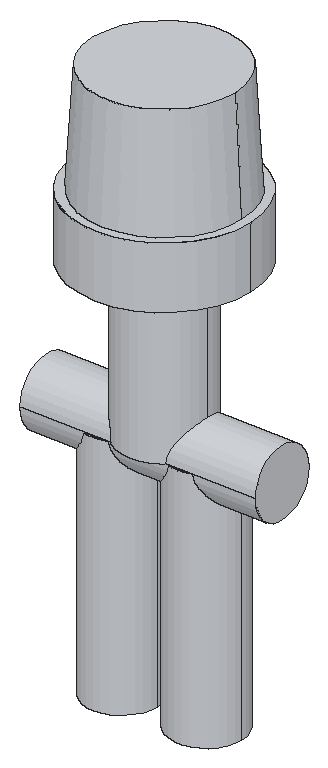
Revit family "304_Cim717PHF-_", category Pipe Accessories, Revit 2017
Family settings
  Round Connector Dimension = Use Diameter
  Part Type = Valve - Breaks Into
  Work Plane-Based = No
  Always vertical = Yes
  Cut with Voids When Loaded = No
  Shared = No
Parameters (values of type "Cim717PHF-10")
  magi_piping_given_dp [instance] = 0.0 Pa
  magiProductId = "Cim717PHF-10"
  magiProductFamilyId = "Cim717PHF-*"
  magiProductCode = "Cim717PHF-10"
  magiPartTypeId = 304
  ang2D [instance] = 0.00°
  W2D = 15 mm
  VersionID = "2.0/2015.11/CIMBERIO_CIM717_001"
  Use Minimum Symbol Size [instance] = yes
  URL = "www.cimberio.it"
  T = 15 mm
  QmdConnectorList = "301;D;302;D"
  Productdata [instance] = "© Progman Oy, all rights reserved"
  Manufacturer = "Cimberio"
  MC_Default_elevation = 0 mm
  LL = 26.5 mm
  L2D_Min = 3048 mm
  L2D = 53 mm
  L2 = 9.5 mm
  L = 53 mm
  H4__ve = -H4  # -55 mm
  H4 = 55 mm
  H3 = 36 mm
  H2 = 14 mm
  H1 = 25 mm
  Description = "AUTOMATIC BALANCING VALVE P.I.C.V. - PN 25 - \"CR\" BRASS - HIGH FLOW"
  D2 = 16 mm
  D1 = 19.5 mm
  D = 15 mm
  CH = 19.5 mm
  CAT0 = yes
  A1 = 32 mm
  A = 35 mm
Types (4, lengths in mm): name | magiProductId | magiProductCode | W2D | T | LL | L2D | L2 | L | H4__ve | H4 | H3 | D1 | D
  Cim717PHF-10 | "Cim717PHF-10" | "Cim717PHF-10" | 15 | 15 | 26.5 | 53 | 9.5 | 53 | -55 | 55 | 36 | 19.5 | 15
  Cim717PHF-25 | "Cim717PHF-25" | "Cim717PHF-25" | 32 | 32 | 52 | 104 | 15 | 104 | -63 | 63 | 44 | 41.6 | 32
  Cim717PHF-20 | "Cim717PHF-20" | "Cim717PHF-20" | 25 | 25 | 41 | 82 | 15 | 82 | -65 | 65 | 46 | 32.5 | 25
  Cim717PHF-15 | "Cim717PHF-15" | "Cim717PHF-15" | 20 | 20 | 32.5 | 65 | 15 | 65 | -55 | 55 | 36 | 26 | 20
Reference planes
  plane 1 "Center (Front/Back)": y = 0
  plane 2 "XYPLANE": z = 0
  plane 3 "Center (Left/Right)": x = 0
  plane 4 "INIT_TEMP": y = 100
  plane 5 "72": x = 9.5
  plane 6 "71": x = -9.5
  plane 7 "70": z = 75
  plane 8 "69": z = 50
  plane 9 "68": z = 36
  plane 10 "67": x = 26.5
  plane 11 "66": x = -26.5
  plane 12 "65": z = 0
  plane 13 "64": x = 0
  plane 14 "63": y = 0
Forms (mm)
  Extrusion 1, solid, visible <- "CAT0"
    sketch origin (-750, 0, 36) x (1, 0, 0) y (0, 1, 0)
      loop
        circle (750, 0) r 19.5
    from 0 to 14 <- "H2"
  Extrusion 2, solid, visible <- "CAT0"
    sketch origin (-750, 0, 0) x (1, 0, 0) y (0, 1, 0)
      loop
        circle (759.5, 0) r 8
    from 0 to -55 <- "H4__ve"
  Extrusion 3, solid, visible <- "CAT0"
    sketch origin (-750, 0, 0) x (1, 0, 0) y (0, 1, 0)
      loop
        circle (740.5, 0) r 8
    from 0 to -55 <- "H4__ve"
  Blend 4, solid, visible <- "CAT0"
    base sketch origin (-750, 0, 50) x (1, 0, 0) y (0, 1, 0)
      loop
        circle (750, 0) r 17.5
    top sketch origin (-750, 0, 50) x (1, 0, 0) y (0, 1, 0)
      loop
        circle (750, 0) r 16
    from 0 to 25
  Extrusion 5, solid
    sketch origin (-750, 0, 0) x (1, 0, 0) y (0, 1, 0)
      loop
        circle (750, 0) r 9.75
    from 0 to 36 <- "H3"
  Extrusion 6, solid
    sketch origin (-26.5, -750, 0) x (0, 1, 0) y (0, 0, 1)
      loop
        circle (750, 0) r 7.5
    from 0 to 53 <- "L"
  Extrusion 7, solid, not visible
    sketch origin (26.5, -750, 0) x (0, 1, 0) y (0, 0, 1)
      loop
        circle (750, 0) r 10
    from 0 to -10
  Extrusion 8, solid, not visible
    sketch origin (-26.5, -750, 0) x (0, 1, 0) y (0, 0, 1)
      loop
        circle (750, 0) r 10
    from 0 to 10
Text (mm)
  text "© Progman Oy, all rights reserved" at (-472.209, -2482.653, 0), in view "Ref. Level"
Dimensions and locks
  plane 4 "INIT_TEMP" to plane 1 "Center (Front/Back)" = 100 mm
  "L2": plane 3 "Center (Left/Right)" to plane 5 "72"
  "L2": plane 3 "Center (Left/Right)" to plane 6 "71"
  "H1": plane 8 "69" to plane 7 "70"
  "H2": plane 9 "68" to plane 8 "69"
  "H3": plane 2 "XYPLANE" to plane 9 "68"
  "LL": plane 3 "Center (Left/Right)" to plane 10 "67"
  "LL": plane 3 "Center (Left/Right)" to plane 11 "66"
  locked: plane 2 "XYPLANE" to plane 12 "65"
  locked: plane 3 "Center (Left/Right)" to plane 13 "64"
  locked: plane 1 "Center (Front/Back)" to plane 14 "63"
  "CH": radius of Extrusion 1 sketch curve
  "D2": diameter of Extrusion 2 sketch curve
  "D2": diameter of Extrusion 3 sketch curve
  "A1": diameter of Blend 4 sketch curve
  "A": diameter of Blend 4 sketch curve
  "D1": diameter of Extrusion 5 sketch curve
  "T": diameter of Extrusion 6 sketch curve
  aligned and locked: level to plane 2 "XYPLANE"
  aligned and locked: plane 13 "64" to Extrusion 1 sketch curve
  aligned and locked: plane 14 "63" to Extrusion 1 sketch curve
  aligned and locked: plane 5 "72" to Extrusion 2 sketch curve
  aligned and locked: plane 14 "63" to Extrusion 2 sketch curve
  aligned and locked: plane 6 "71" to Extrusion 3 sketch curve
  aligned and locked: plane 14 "63" to Extrusion 3 sketch curve
  aligned and locked: plane 13 "64" to Blend 4 sketch curve  (x2)
  aligned and locked: plane 14 "63" to Blend 4 sketch curve  (x2)
  aligned and locked: plane 7 "70" to Blend 4
  aligned and locked: plane 13 "64" to Extrusion 5 sketch curve
  aligned and locked: plane 14 "63" to Extrusion 5 sketch curve
  aligned and locked: plane 12 "65" to Extrusion 6 sketch curve
  aligned and locked: Extrusion 6 sketch curve to plane 14 "63"
  aligned and locked: plane 12 "65" to Extrusion 7 sketch curve
  aligned and locked: Extrusion 7 sketch curve to plane 14 "63"
  aligned and locked: plane 12 "65" to Extrusion 8 sketch curve
  aligned and locked: Extrusion 8 sketch curve to plane 14 "63"
Automatic sketch dimensions
  plane 1 "Center (Front/Back)" to Extrusion 7 sketch curve = 10 mm
  plane 1 "Center (Front/Back)" to Extrusion 8 sketch curve = 10 mm
Connectors
  piping at (-26.5, 0, 0), diameter 15, driven by "D"
    settings: on Extrusion 8, index 1, connector inside diameter 609.6 mm, connector length 0 mm, flow factor 0, pipe flow 0.0 L/s, pressure drop 0.0 Pa, fitting loss kfactor 0, connector angle 0.00°, fixture units 0, engagement length 0 mm, angle of deflection 0.00°, flow configuration 0, flow direction 0, fitting loss method 0, system type 29, joint type 0, gender type 0, connector reference index 2, connector utility 0, adjustable connector no, is connector primary yes, connector description ""
  piping at (26.5, 0, 0), diameter 15, driven by "D"
    settings: on Extrusion 7, index 2, connector inside diameter 609.6 mm, connector length 0 mm, flow factor 0, pipe flow 0.0 L/s, pressure drop 0.0 Pa, fitting loss kfactor 0, connector angle 0.00°, fixture units 0, engagement length 0 mm, angle of deflection 0.00°, flow configuration 0, flow direction 0, fitting loss method 0, system type 29, joint type 0, gender type 0, connector reference index 1, connector utility 0, adjustable connector no, is connector primary no, connector description ""
